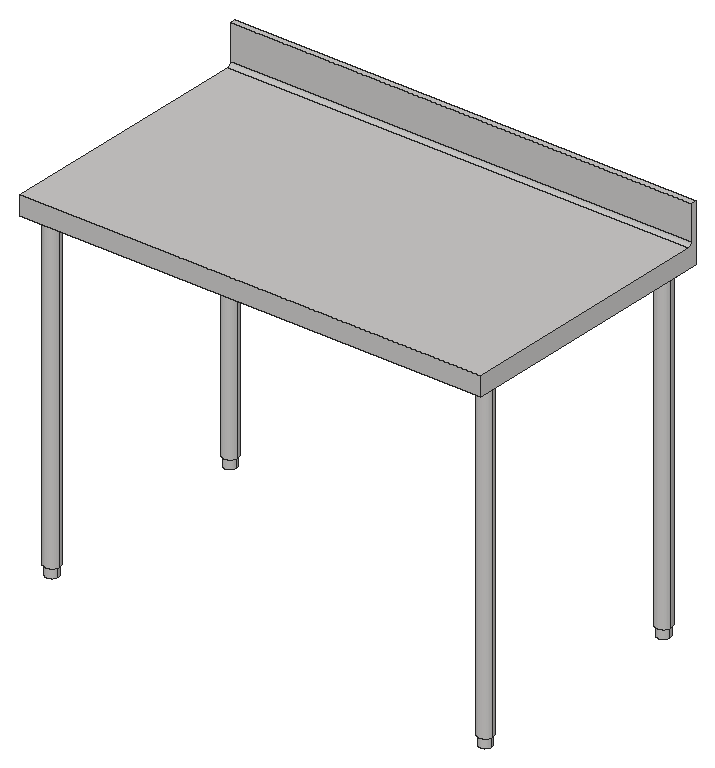
Revit family "QF_ELECTROLUXPROFESSIONAL_133055_TG1210EN", category Attrezzature speciali, Revit 2020
Family settings
  Quota connettore circolare = Usa diametro
  Tipo di parte = Normale
  Basato su piano di lavoro = No
  Sempre verticale = Sì
  Taglio con vuoti quando caricato = No
  Condiviso = No
  Punto di calcolo locali = No
Parameters (values of type "Standard")
  Weight = 40.00 kg
  Watts = 0 W
  Volts = 0 V
  URL Manufacturer = "https://www.electroluxprofessional.com/"
  URL = "https://www.electroluxprofessional.com/"
  Steam Supply Size = 0 mm
  Steam Supply Minimum Pressure = 0.0 Pa
  Steam Supply Maximum Pressure = 0.0 Pa
  Steam Consumption per Hour = 0
  Refrigeration Suction Line Size = 0.0 mm
  Refrigeration Liquid Line Size = 0.0 mm
  Refrigerant Compressor Remote = yes
  Prospetto di default = 0.0 mm
  Produttore = "Electrolux Professional"
  Phase = 0
  Modello = "TG1210EN"
  Length Actual = 1200.0 mm  # constant formula
  Item Number = "133055"
  Hot Water Size = 0 mm
  Height Actual = 900.0 mm  # constant formula
  HP = "0 HP"
  Gas Size = 0 mm
  Gas KW = 0
  Gas Input Pressure = 0 W
  Direct Waste Size = 0 mm
  Descrizione = "WORK TABLE WITH UPSTAND 1200 MM"
  Depth Actual = 700.0 mm  # constant formula
  Cycle = 0 Hz
  Condensate Return Size = 0 mm
  Compressed Air Volume = 0.0 L/s
  Compressed Air Size = 0 mm
  Compressed Air Pressure = 0.0 Pa
  Cold Water Size = 0 mm
  Accessory = yes
Reference planes
  plane 1 "Center (Front/Back)": y = 0
  plane 2: z = 0
  plane 3 "Center (Left/Right)": x = -100
  plane 4 "LEFT": x = -700
  plane 5 "RIGHT": x = 500
  plane 6 "BACK": y = 350
  plane 7 "FRONT": y = -350
  plane 8 "Base": z = 850
  plane 9 "TOP": z = 900
  plane 10: x = -664.5
  plane 11: x = 464.5
  plane 12: y = 290
  plane 13: y = -290
Forms (mm)
  Extrusion 1, solid, material "QF_Finishes_Stainless Steel"
    sketch origin (-100, 0, 0) x (0, 1, 0) y (0, 0, 1)
      loop
        line (-350, 850) -> (350, 850) -> (350, 1000) -> (337, 1000) -> (337, 910)
        arc (337, 910) -> (334.071, 902.929) -> (327, 900) r 10
        line (327, 900) -> (-350, 900) -> (-350, 850)
    from 600 to -600
Lines and regions (mm)
  symbolic lines
    curve 1: line (500, 350, 900) -> (-700, 350, 900)
    curve 2: line (-700, 350, 900) -> (-700, -350, 900)
    curve 3: line (-700, -350, 900) -> (500, -350, 900)
    curve 4: line (500, -350, 900) -> (500, 350, 900)
    curve 5: line (500, 337, 900) -> (-700, 337, 900)
Dimensions and locks
  plane 4 "LEFT" to plane 5 "RIGHT" = 1200.0 mm
  equal spacing: plane 4 "LEFT", plane 3 "Center (Left/Right)", plane 5 "RIGHT"
  locked: plane 8 "Base" to level at 850
  plane 4 "LEFT" to plane 10 = 35.5 mm
  plane 11 to plane 5 "RIGHT" = 35.5 mm
  plane 10 to plane 11 = 1129.0 mm
  locked: Extrusion 1 to level at 1000
  plane 9 "TOP" to level = 900.0 mm
  plane 6 "BACK" to plane 12 = 60.0 mm
  plane 13 to plane 7 "FRONT" = 60.0 mm
  plane 6 "BACK" to plane 7 "FRONT" = 700.0 mm
  plane 12 to plane 13 = 580.0 mm
  equal spacing: plane 6 "BACK", plane 1 "Center (Front/Back)", plane 7 "FRONT"
  aligned and locked: level to plane 2
  aligned and locked: plane 10 to nested 1
  aligned and locked: nested 1 to plane 13
  aligned and locked: plane 11 to nested 2
  aligned and locked: nested 2 to plane 13
  aligned and locked: plane 11 to nested 4
  aligned and locked: nested 4 to plane 12
  aligned and locked: plane 10 to nested 3
  aligned and locked: nested 3 to plane 12
  aligned and locked: Extrusion 1 to plane 4 "LEFT"
  aligned and locked: plane 5 "RIGHT" to Extrusion 1
  aligned and locked: curve 2 to plane 4 "LEFT"
Automatic sketch dimensions
  Extrusion 1 sketch curve to plane 7 "FRONT" = 0.0 mm
  Extrusion 1 sketch curve to plane 9 "TOP" = 0.0 mm
  Extrusion 1 sketch curve to plane 6 "BACK" = 0.0 mm
  Extrusion 1 sketch curve to plane 8 "Base" = 0.0 mm
  plane 9 "TOP" to Extrusion 1 sketch curve = 10.0 mm
  Extrusion 1 sketch curve to plane 6 "BACK" = 13.0 mm
  Extrusion 1 sketch curve to Extrusion 1 sketch curve = 90.0 mm
  curve 3 to plane 7 "FRONT" = 0.0 mm
  curve 5 to plane 5 "RIGHT" = 0.0 mm
  curve 4 to plane 6 "BACK" = 0.0 mm
  curve 5 to plane 6 "BACK" = 13.0 mm
Nested families
  nested 1: "FEET_D40" at (-664.5, -290, 0), type "FEET_D40"
  nested 2: "FEET_D40" at (464.5, -290, 0), type "FEET_D40"
  nested 3: "FEET_D40" at (-664.5, 290, 0), type "FEET_D40"
  nested 4: "FEET_D40" at (464.5, 290, 0), type "FEET_D40"
Definition of nested family "FEET_D40"
  Parameters
    Default Elevation = 0.0 mm
    FEET = 850.0 mm
  Reference planes
    plane 1 "Center (Front/Back)": y = 0
    plane 2: z = 0
    plane 3 "Center (Left/Right)": x = 0
    plane 4: z = 850
  Forms (mm)
    Extrusion 1, solid
      sketch origin (0, 0, 0) x (1, 0, 0) y (0, 1, 0)
        loop
          circle (0, 0.002) r 20
      from 25 to 845
    Extrusion 2, solid
      sketch origin (0, 0, 0) x (1, 0, 0) y (0, 1, 0)
        loop
          circle (0, 0) r 16
      from 0 to 25
    Extrusion 3, solid
      sketch origin (0, 0, 0) x (1, 0, 0) y (0, 1, 0)
        loop
          circle (0, 0.002) r 30
      from 845 to 850
  Lines and regions (mm)
    symbolic lines
      curve 1: line (0, -1.503, 0) -> (0, 1.508, 0)
      curve 2: line (1.561, 0, 0) -> (-1.439, 0, 0)
  Dimensions and locks
    "FEET": plane 4 to plane 2
    aligned and locked: level to plane 2
  Automatic sketch dimensions
    plane 1 "Center (Front/Back)" to Extrusion 2 sketch curve = 0.0 mm
    Extrusion 2 sketch curve to plane 3 "Center (Left/Right)" = 0.0 mm
    plane 1 "Center (Front/Back)" to curve 2 = 0.0 mm
    curve 1 to plane 3 "Center (Left/Right)" = 0.0 mm
    curve 2 to plane 3 "Center (Left/Right)" = 1.439 mm
    plane 3 "Center (Left/Right)" to curve 2 = 1.561 mm
    plane 1 "Center (Front/Back)" to curve 1 = 1.503 mm
    curve 1 to plane 1 "Center (Front/Back)" = 1.508 mm
    Extrusion 1 sketch curve to plane 3 "Center (Left/Right)" = 0.0 mm
    Extrusion 1 sketch curve to plane 1 "Center (Front/Back)" = 0.002 mm
    Extrusion 3 sketch curve to plane 3 "Center (Left/Right)" = 0.0 mm
    Extrusion 3 sketch curve to plane 1 "Center (Front/Back)" = 0.002 mm
    radius of Extrusion 2 sketch curve = 16.0 mm
    radius of Extrusion 1 sketch curve = 20.0 mm
    radius of Extrusion 3 sketch curve = 30.0 mm
